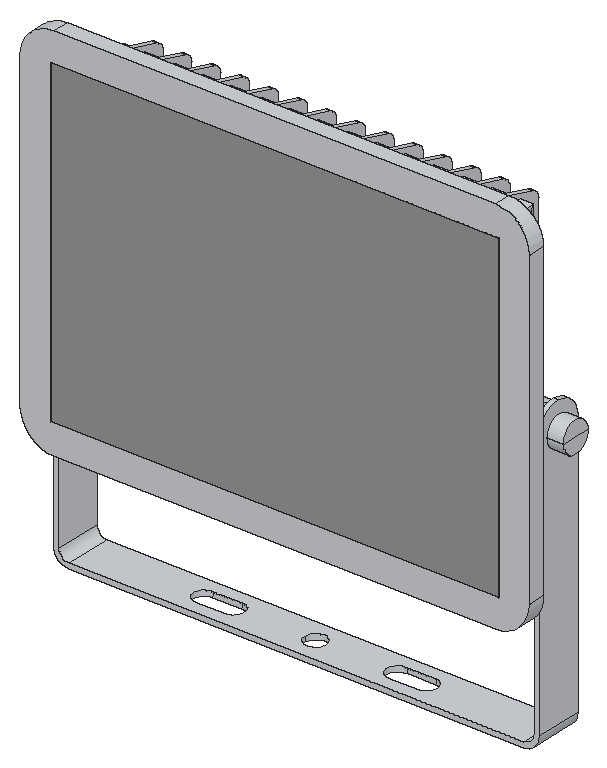
Revit family "0050116", category Lighting Fixtures, Revit 2017
Family settings
  Round Connector Dimension = Use Diameter
  Part Type = Normal
  OmniClass Number = 23.80.70.00
  OmniClass Title = Lighting
  Work Plane-Based = No
  Always vertical = Yes
  Cut with Voids When Loaded = No
  Light Source = Yes
  Shared = No
  Room Calculation Point = No
Parameters (values of type "0050116 ST FLD FLT IP65 3000LM 840 WH")
  Weight = "3.06 kg"
  Wattage = 27 W
  WarrantyStartDate [instance] = "n/a"
  WarrantyGuarantorParts = "n/a"
  WarrantyDurationUnit = "n/a"
  WarrantyDurationParts = "n/a"
  WarrantyDescription = "n/a"
  built-in parameter 1150110 = 1 (stored number, unit not read)
  Voltage = 0 V
  URL = "http://www.sylvania-lighting.com"
  TypeName = "Start Flood Flat IP65 3000LM 840 White"
  built-in parameter 1114217 = 1 (stored number, unit not read)
  Tilt Angle = 0.00°
  built-in parameter 1150109 = 1 (stored number, unit not read)
  built-in parameter 1150134 = 12
  built-in parameter 1150113 = 1 (stored number, unit not read)
  SerialNumber [instance] = "n/a"
  PowerFactor = 0.9
  PowerConsumption = "27 W"
  Photometric Web File = "0050116.ies"
  NominalWidth = 0 mm
  NominalLength = 133 mm
  NominalHeight = 28 mm
  Name = "Start Flood Flat IP65 3000LM 840 White"
  ModelReference = "Start Flood Flat IP65 3000LM 840 White"
  ModelNumber = "0050116"
  Model = "Start Flood Flat IP65 3000LM 840 White"
  Material_4_FEILO = none
  Material_3_FEILO = none
  Material_2_FEILO = Default New Material
  Material_1_FEILO = none
  Material = "n/a"
  ManufacturerName = "Feilo Sylvania"
  Manufacturer = "Feilo Sylvania"
  LuminousEfficacy = "111 lm/W"
  Lumens = 2997 lm
  LuminaireType = ""
  built-in parameter 1150115 = 1 (stored number, unit not read)
  built-in parameter 1150105 = -3340156.5 (stored number, unit not read)
  LightOutputRatio = "n/a"
  built-in parameter 1150137 = (empty or 0)
  built-in parameter 1150139 = (empty or 0)
  LampsType = "LED"
  LampNominalLuminous = "3000 lm"
  LampMacAdamStep = "5"
  LampColourTemperature = "4000 K"
  LampColourRenderingIndex = "80"
  built-in parameter 1150112 = 1 (stored number, unit not read)
  built-in parameter 1150114 = 1 (stored number, unit not read)
  Lamp = "LED"
  LUM_WIDTH_SYL = 75 mm  # constant formula
  LUM_HEIGHT_SYL = 56 mm  # constant formula
  LUM_EXTR_ST_SYL = -5 mm
  LUM_EXTR_END_SYL = 0 mm
  LUM_DEPTH_SYL = 28 mm
  Keynote = "16500"
  InstallationDate [instance] = "n/a"
  InputVoltage = "n/a"
  InputNominalFrequency = "n/a"
  built-in parameter 1150132 = 2
  built-in parameter 1150102 = (empty or 0)
  built-in parameter 1150138 = (empty or 0)
  built-in parameter 1150107 = 4000 (stored number, unit not read)
  IngressProtection = "IP65"
  ImpactProtectionIndex = "IK06"
  built-in parameter 1150106 = -33401.6 (stored number, unit not read)
  IfcExportType = "IfcLightFixtureType"
  IfcExportAs = "IfcLightFixtureType"
  ElectricShockClassification = "Class I"
  built-in parameter 1150104 = 10.312 (stored number, unit not read)
  DocumentationLiterature = "http://www.sylvania-lighting.com/product/en-int/products/0050116"
  DimmingControlOptions = "n/a"
  Dimming Lamp Color Temperature Shift = <None>
  DIF_WIDTH_SYL = 66 mm  # constant formula
  DIF_HEIGHT_SYL = 47.5 mm  # constant formula
  CreatedOn = "12/2/2020"
  CreatedBy = "@sylvania-lighting.com"
  Color Filter = 16777215
  ClassificationValue = "EF_70_80"
  ClassificationName = "Uniclass2015"
  CABLE_SIDE_DIST_SYL = 44 mm
  CABLE_LENGTH_SYL = 5 mm
  CABLE_FRONT_DIST_SYL = 17.5 mm
  CABLES_DIST_SYL = 56 mm
  BarCode [instance] = "n/a"
  built-in parameter 1114218 = 1 (stored number, unit not read)
  B_RAIL_R_DIST_SYL = 7 mm
  B_RAIL_HEIGHT_SYL = 27 mm
  B_RAIL_DEPTH_SYL = 44 mm
  B_RAIL_CHAMFER_SYL = 7 mm
  BRACKET_HOLDER_WIDTH_SYL = 12 mm
  BRACKET_HOLDER_HEIGHT_SYL = 17 mm
  BRACKET_HOLDER_DIST_SIDE_SYL = 2.8 mm
  BRACKET_HOLDER_DIST_BOTT_SYL = 42 mm
  BRACKET_HOLDER_DEPTH_SYL = 5.7 mm
  BOX_WIDTH_SYL = 60.5 mm
  BOX_TOP_DIST_SYL = 10.5 mm
  BOX_DEPTH_SYL = 14 mm
  BOX_BOTT_DIST_SYL = 28 mm
  BACK_RAIL_WIDTH_SYL = 1.4 mm
  BACK_RAIL_SIDE_DIST_SYL = 19 mm
  BACK_PL_EXTR_ST_SYL = -6 mm
  BACK_PL_EXTR_ST(-1)_SYL = BACK_PL_EXTR_ST_SYL * (-1)  # 6 mm
  BACK_PL_EXTR_END_SYL = -3 mm
  BACK_PL_EXTR_END(-1)_SYL = BACK_PL_EXTR_END_SYL * (-1)  # 3 mm
  built-in parameter 1150133 = 10 (stored number, unit not read)
  AssetType = "Fixed"
  AssetIdentifier [instance] = "n/a"
  Assembly Code = "D5020200"
  Apparent Load = 27 VA
  0_18W_SYL = yes
Types (5, lengths in mm): name | TypeName | built-in parameter 1150134 | Photometric Web File | Name | ModelReference | ModelNumber | Model | LuminousEfficacy | Lumens | built-in parameter 1150105 | LampNominalLuminous | LampColourTemperature | built-in parameter 1150107 | built-in parameter 1150106 | built-in parameter 1150104 | DocumentationLiterature
  0050153 ST FLD FLT IP65 3000LM 865 BK | "Start Flood Flat IP65 3000LM 865 Black" | 1 | "0050153.ies" | "Start Flood Flat IP65 3000LM 865 Black" | "Start Flood Flat IP65 3000LM 865 Black" | "0050153" | "Start Flood Flat IP65 3000LM 865 Black" | "111 lm/W" | 2997 lm | -3340156.5 (stored number, unit not read) | "3000 lm" | "6500 K" | 6500 (stored number, unit not read) | -33401.6 (stored number, unit not read) | 10.312 (stored number, unit not read) | "http://www.sylvania-lighting.com/product/en-int/products/0050153"
  0050116 ST FLD FLT IP65 3000LM 840 WH | "Start Flood Flat IP65 3000LM 840 White" | 12 | "0050116.ies" | "Start Flood Flat IP65 3000LM 840 White" | "Start Flood Flat IP65 3000LM 840 White" | "0050116" | "Start Flood Flat IP65 3000LM 840 White" | "111 lm/W" | 2997 lm | -3340156.5 (stored number, unit not read) | "3000 lm" | "4000 K" | 4000 (stored number, unit not read) | -33401.6 (stored number, unit not read) | 10.312 (stored number, unit not read) | "http://www.sylvania-lighting.com/product/en-int/products/0050116"
  0050115 ST FLD FLT IP65 2850LM 830 WH | "Start Flood Flat IP65 2850LM 830 White" | (empty or 0) | "0050115.ies" | "Start Flood Flat IP65 2850LM 830 White" | "Start Flood Flat IP65 2850LM 830 White" | "0050115" | "Start Flood Flat IP65 2850LM 830 White" | "106 lm/W" | 2862 lm | -3030228.4 (stored number, unit not read) | "2850 lm" | "3000 K" | 3000 (stored number, unit not read) | -30302.3 (stored number, unit not read) | 9.8477 (stored number, unit not read) | "http://www.sylvania-lighting.com/product/en-int/products/0050115"
  0050114 ST FLD FLT IP65 3000LM 840 BK | "Start Flood Flat IP65 3000LM 840 Black" | 12 | "0050114.ies" | "Start Flood Flat IP65 3000LM 840 Black" | "Start Flood Flat IP65 3000LM 840 Black" | "0050114" | "Start Flood Flat IP65 3000LM 840 Black" | "111 lm/W" | 2997 lm | -3340156.5 (stored number, unit not read) | "3000 lm" | "4000 K" | 4000 (stored number, unit not read) | -33401.6 (stored number, unit not read) | 10.312 (stored number, unit not read) | "http://www.sylvania-lighting.com/product/en-int/products/0050114"
  0050113 ST FLD FLT IP65 2850LM 830 BK | "Start Flood Flat IP65 2850LM 830 Black" | (empty or 0) | "0050113.ies" | "Start Flood Flat IP65 2850LM 830 Black" | "Start Flood Flat IP65 2850LM 830 Black" | "0050113" | "Start Flood Flat IP65 2850LM 830 Black" | "106 lm/W" | 2862 lm | -3030228.4 (stored number, unit not read) | "2850 lm" | "3000 K" | 3000 (stored number, unit not read) | -30302.3 (stored number, unit not read) | 9.8477 (stored number, unit not read) | "http://www.sylvania-lighting.com/product/en-int/products/0050113"
Reference planes
  plane 1 "Light Source Axis (F/B)": y = 0
  plane 2: z = 0
  plane 3 "Light Source Axis (L/R)": x = 0
  plane 4 "Light Source Elevation": z = -0.469
  plane 5: x = 75
  plane 6: x = -75
  plane 7: z = 56
  plane 8: z = -56
  plane 9: x = 66
  plane 10: x = -66
  plane 11: z = 47.5
  plane 12: z = -47.5
  plane 13: y = 6
  plane 14: y = 3
  plane 15: x = -60.5
  plane 16: x = 60.5
  plane 17: y = 20
  plane 18: z = 45.5
  plane 19: z = -28
  plane 20: y = 28
  plane 21: z = -14
  plane 22: z = -2
  plane 23: y = 21
  plane 24: x = 54.2
  plane 25: x = 39.5
  plane 26: x = 31
  plane 27: x = -25
  plane 28: y = 14
  plane 29: z = -38
  plane 30: y = 27
  plane 31: z = 16
  plane 32: z = 9
  plane 33: x = 56
  plane 34: x = 54.6
  plane 35: x = 47.6
  plane 36: x = 20.8
  plane 37: x = 13.8
  plane 38: x = 12.4
  plane 39: x = 5.4
  plane 40: x = 4
  plane 41: z = -50.4
  plane 42: x = 64
  plane 43: x = 70
  plane 44: z = -59.1
Forms (mm)
  Extrusion 1, solid
    sketch origin (0, 0, 0) x (1, 0, 0) y (0, 0, 1)
      loop
        arc (-65, 56) -> (-72.071, 53.071) -> (-75, 46) r 10
        line (-75, 46) -> (-75, -46)
        arc (-75, -46) -> (-72.071, -53.071) -> (-65, -56) r 10
        line (-65, -56) -> (65, -56)
        arc (65, -56) -> (72.071, -53.071) -> (75, -46) r 10
        line (75, -46) -> (75, 46)
        arc (75, 46) -> (72.071, 53.071) -> (65, 56) r 10
        line (65, 56) -> (-65, 56)
      loop
        line (-66, 47.5) -> (-66, -47.5) -> (66, -47.5) -> (66, 47.5) -> (-66, 47.5)
    from -5 <- "LUM_EXTR_ST_SYL" to 0 <- "LUM_EXTR_END_SYL"
  Extrusion 2, solid, material "Default New Material" <- "Material_2_FEILO"
    sketch origin (0, 0, 0) x (1, 0, 0) y (0, 0, 1)
      loop
        line (-66, 47.5) -> (-66, -47.5) -> (66, -47.5) -> (66, 47.5) -> (-66, 47.5)
    from -3 <- "BACK_PL_EXTR_END_SYL" to 0 <- "LUM_EXTR_END_SYL"
  Extrusion 3, solid
    sketch origin (0, 0, 0) x (1, 0, 0) y (0, 0, 1)
      loop
        line (66, 47.5) -> (-66, 47.5) -> (-66, -47.5) -> (66, -47.5) -> (66, 47.5)
    from -6 <- "BACK_PL_EXTR_ST_SYL" to -3 <- "BACK_PL_EXTR_END_SYL"
  Extrusion 4, solid
    sketch origin (0, 0, 0) x (1, 0, 0) y (0, 1, 0)
      loop
        arc (-59.5, 20) -> (-60.207, 19.707) -> (-60.5, 19) r 1
        line (-60.5, 19) -> (-60.5, 6) -> (60.5, 6) -> (60.5, 19)
        arc (60.5, 19) -> (60.207, 19.707) -> (59.5, 20) r 1
        line (59.5, 20) -> (-59.5, 20)
    from -28 to 45.5
  Extrusion 5, solid
    sketch origin (0, 0, 0) x (1, 0, 0) y (0, 1, 0)
      loop
        arc (-52.5, 28) -> (-58.157, 25.657) -> (-60.5, 20) r 8
        line (-60.5, 20) -> (-60.5, 6) -> (60.5, 6) -> (60.5, 20)
        arc (60.5, 20) -> (58.157, 25.657) -> (52.5, 28) r 8
        line (52.5, 28) -> (-52.5, 28)
    from -47.5 to -28
  Extrusion 6, solid
    sketch origin (0, 0, 0) x (0, 1, 0) y (0, 0, 1)
      loop
        line (5, -2) -> (5, -14) -> (15, -14)
        arc (15, -14) -> (19.243, -12.243) -> (21, -8) r 6
        arc (21, -8) -> (19.243, -3.757) -> (15, -2) r 6
        line (15, -2) -> (5, -2)
      loop
        circle (15, -8) r 2.5
    from 64 to 70
  Extrusion 7, solid
    sketch origin (0, 0, 0) x (1, 0, 0) y (0, 1, 0)
      loop
        circle (-25, 14) r 7
      loop
        circle (31, 14) r 9
    from -59.1 to -47.5
  Extrusion 8, solid
    sketch origin (-75.017, 5.639, -10.469) x (0, 1, 0) y (0, 0, -1)
      loop
        line (-0.625, 17.969) -> (-0.625, -34.188) -> (-0.625, -61.668) -> (19.238, -55.969)
        arc (19.238, -55.969) -> (20.908, -54.706) -> (21.299, -52.649) r 2.911
        line (21.299, -52.649) -> (21.299, 17.969) -> (-0.625, 17.969)
    from -131.017 to -129.617
  Extrusion 9, solid
    sketch origin (0, 0, 0) x (0, 1, 0) y (0, 0, -1)
      loop
        line (5, 2) -> (15, 2)
        arc (15, 2) -> (19.243, 3.757) -> (21, 8) r 6
        arc (21, 8) -> (19.243, 12.243) -> (15, 14) r 6
        line (15, 14) -> (5, 14) -> (5, 2)
      loop
        circle (15, 8) r 2.5
    from 64 to 70
  Extrusion 10, solid
    sketch origin (75.017, 5.639, -10.469) x (0, 1, 0) y (0, 0, 1)
      loop
        line (-0.625, -17.969) -> (21.299, -17.969) -> (21.299, 52.649)
        arc (21.299, 52.649) -> (20.908, 54.706) -> (19.238, 55.969) r 2.911
        line (19.238, 55.969) -> (-0.625, 61.668) -> (-0.625, 34.188) -> (-0.625, -17.969)
    from -131.017 to -129.617
  Extrusion 11, solid
    sketch origin (-185.617, 5.639, -10.469) x (0, 1, 0) y (0, 0, -1)
      loop
        line (-0.625, 17.969) -> (-0.625, -34.188) -> (-0.625, -61.668) -> (19.238, -55.969)
        arc (19.238, -55.969) -> (20.908, -54.706) -> (21.299, -52.649) r 2.911
        line (21.299, -52.649) -> (21.299, 17.969) -> (-0.625, 17.969)
    from -131.017 to -129.617
  Extrusion 12, solid
    sketch origin (-83.524, 5.639, -10.469) x (0, 1, 0) y (0, 0, -1)
      loop
        line (-0.625, 17.969) -> (-0.625, -34.188) -> (-0.625, -61.668) -> (19.238, -55.969)
        arc (19.238, -55.969) -> (20.908, -54.706) -> (21.299, -52.649) r 2.911
        line (21.299, -52.649) -> (21.299, 17.969) -> (-0.625, 17.969)
    from -131.017 to -129.617
  Extrusion 13, solid
    sketch origin (-92.032, 5.639, -10.469) x (0, 1, 0) y (0, 0, -1)
      loop
        line (-0.625, 17.969) -> (-0.625, -34.188) -> (-0.625, -61.668) -> (19.238, -55.969)
        arc (19.238, -55.969) -> (20.908, -54.706) -> (21.299, -52.649) r 2.911
        line (21.299, -52.649) -> (21.299, 17.969) -> (-0.625, 17.969)
    from -131.017 to -129.617
  Extrusion 14, solid
    sketch origin (-100.54, 5.639, -10.469) x (0, 1, 0) y (0, 0, -1)
      loop
        line (-0.625, 17.969) -> (-0.625, -34.188) -> (-0.625, -61.668) -> (19.238, -55.969)
        arc (19.238, -55.969) -> (20.908, -54.706) -> (21.299, -52.649) r 2.911
        line (21.299, -52.649) -> (21.299, 17.969) -> (-0.625, 17.969)
    from -131.017 to -129.617
  Extrusion 15, solid
    sketch origin (-109.047, 5.639, -10.469) x (0, 1, 0) y (0, 0, -1)
      loop
        line (-0.625, 17.969) -> (-0.625, -34.188) -> (-0.625, -61.668) -> (19.238, -55.969)
        arc (19.238, -55.969) -> (20.908, -54.706) -> (21.299, -52.649) r 2.911
        line (21.299, -52.649) -> (21.299, 17.969) -> (-0.625, 17.969)
    from -131.017 to -129.617
  Extrusion 16, solid
    sketch origin (-117.555, 5.639, -10.469) x (0, 1, 0) y (0, 0, -1)
      loop
        line (-0.625, 17.969) -> (-0.625, -34.188) -> (-0.625, -61.668) -> (19.238, -55.969)
        arc (19.238, -55.969) -> (20.908, -54.706) -> (21.299, -52.649) r 2.911
        line (21.299, -52.649) -> (21.299, 17.969) -> (-0.625, 17.969)
    from -131.017 to -129.617
  Extrusion 17, solid
    sketch origin (-126.063, 5.639, -10.469) x (0, 1, 0) y (0, 0, -1)
      loop
        line (-0.625, 17.969) -> (-0.625, -34.188) -> (-0.625, -61.668) -> (19.238, -55.969)
        arc (19.238, -55.969) -> (20.908, -54.706) -> (21.299, -52.649) r 2.911
        line (21.299, -52.649) -> (21.299, 17.969) -> (-0.625, 17.969)
    from -131.017 to -129.617
  Extrusion 18, solid
    sketch origin (-134.571, 5.639, -10.469) x (0, 1, 0) y (0, 0, -1)
      loop
        line (-0.625, 17.969) -> (-0.625, -34.188) -> (-0.625, -61.668) -> (19.238, -55.969)
        arc (19.238, -55.969) -> (20.908, -54.706) -> (21.299, -52.649) r 2.911
        line (21.299, -52.649) -> (21.299, 17.969) -> (-0.625, 17.969)
    from -131.017 to -129.617
  Extrusion 19, solid
    sketch origin (-143.078, 5.639, -10.469) x (0, 1, 0) y (0, 0, -1)
      loop
        line (-0.625, 17.969) -> (-0.625, -34.188) -> (-0.625, -61.668) -> (19.238, -55.969)
        arc (19.238, -55.969) -> (20.908, -54.706) -> (21.299, -52.649) r 2.911
        line (21.299, -52.649) -> (21.299, 17.969) -> (-0.625, 17.969)
    from -131.017 to -129.617
  Extrusion 20, solid
    sketch origin (-151.586, 5.639, -10.469) x (0, 1, 0) y (0, 0, -1)
      loop
        line (-0.625, 17.969) -> (-0.625, -34.188) -> (-0.625, -61.668) -> (19.238, -55.969)
        arc (19.238, -55.969) -> (20.908, -54.706) -> (21.299, -52.649) r 2.911
        line (21.299, -52.649) -> (21.299, 17.969) -> (-0.625, 17.969)
    from -131.017 to -129.617
  Extrusion 21, solid
    sketch origin (-160.094, 5.639, -10.469) x (0, 1, 0) y (0, 0, -1)
      loop
        line (-0.625, 17.969) -> (-0.625, -34.188) -> (-0.625, -61.668) -> (19.238, -55.969)
        arc (19.238, -55.969) -> (20.908, -54.706) -> (21.299, -52.649) r 2.911
        line (21.299, -52.649) -> (21.299, 17.969) -> (-0.625, 17.969)
    from -131.017 to -129.617
  Extrusion 22, solid
    sketch origin (-168.601, 5.639, -10.469) x (0, 1, 0) y (0, 0, -1)
      loop
        line (-0.625, 17.969) -> (-0.625, -34.188) -> (-0.625, -61.668) -> (19.238, -55.969)
        arc (19.238, -55.969) -> (20.908, -54.706) -> (21.299, -52.649) r 2.911
        line (21.299, -52.649) -> (21.299, 17.969) -> (-0.625, 17.969)
    from -131.017 to -129.617
  Extrusion 23, solid
    sketch origin (-177.109, 5.639, -10.469) x (0, 1, 0) y (0, 0, -1)
      loop
        line (-0.625, 17.969) -> (-0.625, -34.188) -> (-0.625, -61.668) -> (19.238, -55.969)
        arc (19.238, -55.969) -> (20.908, -54.706) -> (21.299, -52.649) r 2.911
        line (21.299, -52.649) -> (21.299, 17.969) -> (-0.625, 17.969)
    from -131.017 to -129.617
Cuts and joins
  joined: Extrusion 1, Extrusion 3, Extrusion 4, Extrusion 5
Dimensions and locks
  "LUM_WIDTH_SYL": plane 5 to plane 3 "Light Source Axis (L/R)" to plane 6
  "LUM_HEIGHT_SYL": plane 7 to plane 2 to plane 8
  "DIF_WIDTH_SYL": plane 9 to plane 3 "Light Source Axis (L/R)" to plane 10
  "DIF_HEIGHT_SYL": plane 11 to plane 2 to plane 12
  "BACK_PL_EXTR_ST(-1)_SYL": plane 1 "Light Source Axis (F/B)" to plane 13
  "BACK_PL_EXTR_END(-1)_SYL": plane 1 "Light Source Axis (F/B)" to plane 14
  "BOX_WIDTH_SYL": plane 15 to plane 3 "Light Source Axis (L/R)" to plane 16
  "BOX_DEPTH_SYL": plane 13 to plane 17
  "BOX_TOP_DIST_SYL": plane 18 to plane 7
  "BOX_BOTT_DIST_SYL": plane 8 to plane 19
  "LUM_DEPTH_SYL": plane 1 "Light Source Axis (F/B)" to plane 20
  "BRACKET_HOLDER_DIST_BOTT_SYL": plane 21 to plane 8
  "BRACKET_HOLDER_WIDTH_SYL": plane 22 to plane 21
  cut or joined group of Extrusion 1, Extrusion 3, Extrusion 4, Extrusion 5 to plane 23 = 15 mm
  cut or joined group of Extrusion 1, Extrusion 3, Extrusion 4, Extrusion 5 to plane 24 = 20.8 mm
  plane 25 to plane 24 = 14.7 mm
  "CABLES_DIST_SYL": plane 27 to plane 26
  "CABLE_SIDE_DIST_SYL": plane 26 to plane 5
  cut or joined group of Extrusion 1, Extrusion 3, Extrusion 4, Extrusion 5 to plane 28 = 14 mm
  cut or joined group of Extrusion 1, Extrusion 3, Extrusion 4, Extrusion 5 to plane 29 = 18 mm
  "B_RAIL_HEIGHT_SYL": plane 30 to plane 1 "Light Source Axis (F/B)"
  "B_RAIL_DEPTH_SYL": plane 31 to plane 19
  "B_RAIL_CHAMFER_SYL": plane 31 to plane 32
  "BACK_RAIL_SIDE_DIST_SYL": plane 5 to plane 33
  "BACK_RAIL_WIDTH_SYL": plane 33 to plane 34
  "B_RAIL_R_DIST_SYL": plane 34 to plane 35
  "B_RAIL_R_DIST_SYL": plane 36 to plane 37
  "BACK_RAIL_WIDTH_SYL": plane 37 to plane 38
  "BACK_RAIL_WIDTH_SYL": plane 39 to plane 40
  "B_RAIL_R_DIST_SYL": plane 38 to plane 39
  plane 35 to plane 26 = 16.6 mm
  equal spacing: group 2, group 14, group 13, group 12, group 11, group 10, group 9, group 8, group 7, group 6, group 5, group 4, group 3, group 1
  equal spacing: group 1, group 3, group 4, group 5, group 6, group 7, group 8, group 9, group 10, group 11, group 12, group 13, group 14, group 2  (x2)
  aligned and locked: plane 4 "Light Source Elevation" to imposter light
  aligned and locked: level to plane 2
  aligned and locked: Extrusion 1 sketch curve to plane 7
  aligned and locked: plane 6 to Extrusion 1 sketch curve
  aligned and locked: plane 8 to Extrusion 1 sketch curve
  aligned and locked: Extrusion 1 sketch curve to plane 5
  aligned and locked: Extrusion 1 sketch curve to plane 11
  aligned and locked: plane 10 to Extrusion 1 sketch curve
  aligned and locked: plane 12 to Extrusion 1 sketch curve
  aligned and locked: Extrusion 1 sketch curve to plane 9
  aligned and locked: Extrusion 2 sketch curve to Extrusion 1  (x4)
  aligned and locked: Extrusion 3 sketch curve to Extrusion 1  (x4)
  aligned and locked: Extrusion 3 to Extrusion 2
  aligned and locked: plane 17 to Extrusion 4 sketch curve
  aligned and locked: plane 15 to Extrusion 4 sketch curve
  aligned and locked: Extrusion 4 sketch curve to plane 13
  aligned and locked: Extrusion 4 sketch curve to plane 16
  aligned and locked: plane 18 to Extrusion 4
  aligned and locked: Extrusion 4 to plane 19
  aligned and locked: plane 20 to Extrusion 5 sketch curve
  aligned and locked: plane 15 to Extrusion 5 sketch curve
  aligned and locked: cut or joined group of Extrusion 1, Extrusion 3, Extrusion 4, Extrusion 5 to Extrusion 5 sketch curve
  aligned and locked: Extrusion 5 sketch curve to cut or joined group of Extrusion 1, Extrusion 3, Extrusion 4, Extrusion 5
  aligned and locked: plane 19 to Extrusion 5
  aligned and locked: Extrusion 5 to plane 12
  aligned and locked: Extrusion 6 sketch curve to plane 22
  aligned and locked: plane 21 to Extrusion 6 sketch curve
  aligned and locked: Extrusion 7 to Extrusion 2
  aligned and locked: Extrusion 6 to cut or joined group of Extrusion 1, Extrusion 3, Extrusion 4, Extrusion 5
  aligned and locked: plane 42 to Extrusion 6
  aligned and locked: Extrusion 6 to plane 43
  aligned and locked: Extrusion 7 to plane 44
  aligned and locked: plane 33 to Extrusion 8
  aligned and locked: Extrusion 8 to plane 34
Automatic sketch dimensions
  plane 18 to Extrusion 1 sketch curve = 0.5 mm  (x2)
  plane 10 to Extrusion 1 sketch curve = 1 mm
  Extrusion 1 sketch curve to plane 9 = 1 mm
  plane 15 to Extrusion 4 sketch curve = 1 mm
  Extrusion 4 sketch curve to plane 16 = 1 mm
  Extrusion 5 sketch curve to plane 15 = 0 mm
  plane 28 to Extrusion 5 sketch curve = 6 mm  (x2)
  Extrusion 6 sketch curve to Extrusion 6 sketch curve = 0 mm  (x5)
  Extrusion 6 sketch curve to plane 23 = 0 mm
  plane 13 to Extrusion 6 sketch curve = 1 mm
  Extrusion 7 sketch curve to plane 27 = 0 mm
  Extrusion 7 sketch curve to plane 26 = 0 mm
  Extrusion 7 sketch curve to plane 28 = 0 mm  (x2)
  Extrusion 9 sketch curve to Extrusion 9 sketch curve = 0 mm  (x6)
  Extrusion 9 sketch curve to plane 21 = 0 mm
  Extrusion 9 sketch curve to plane 22 = 0 mm
  Extrusion 9 sketch curve to plane 23 = 0 mm
  plane 13 to Extrusion 9 sketch curve = 1 mm
  Extrusion 10 sketch curve to plane 18 = 0 mm
  Extrusion 10 sketch curve to plane 19 = 0.438 mm
  plane 13 to Extrusion 10 sketch curve = 0.986 mm
  plane 30 to Extrusion 10 sketch curve = 2.927 mm
  plane 30 to Extrusion 10 sketch curve = 2.124 mm
  plane 30 to Extrusion 10 sketch curve = 0.062 mm
  plane 31 to Extrusion 10 sketch curve = 7.719 mm
  Extrusion 10 sketch curve to plane 18 = 3.32 mm
  Extrusion 8 sketch curve to Extrusion 8 sketch curve = 19.06 mm
  Extrusion 8 sketch curve to Extrusion 8 sketch curve = 0.803 mm
  Extrusion 8 sketch curve to Extrusion 8 sketch curve = 21.924 mm
  Extrusion 8 sketch curve to Extrusion 8 sketch curve = 5.699 mm
  Extrusion 8 sketch curve to Extrusion 8 sketch curve = 18.983 mm
  Extrusion 8 sketch curve to Extrusion 8 sketch curve = 52.156 mm
  Extrusion 11 sketch curve to Extrusion 11 sketch curve = 19.06 mm
  Extrusion 11 sketch curve to Extrusion 11 sketch curve = 0.803 mm
  Extrusion 11 sketch curve to Extrusion 11 sketch curve = 21.924 mm
  Extrusion 11 sketch curve to Extrusion 11 sketch curve = 5.699 mm
  Extrusion 11 sketch curve to Extrusion 11 sketch curve = 18.983 mm
  Extrusion 11 sketch curve to Extrusion 11 sketch curve = 52.156 mm
  Extrusion 12 sketch curve to Extrusion 12 sketch curve = 19.06 mm
  Extrusion 12 sketch curve to Extrusion 12 sketch curve = 0.803 mm
  Extrusion 12 sketch curve to Extrusion 12 sketch curve = 21.924 mm
  Extrusion 12 sketch curve to Extrusion 12 sketch curve = 5.699 mm
  Extrusion 12 sketch curve to Extrusion 12 sketch curve = 18.983 mm
  Extrusion 12 sketch curve to Extrusion 12 sketch curve = 52.156 mm
  Extrusion 13 sketch curve to Extrusion 13 sketch curve = 19.06 mm
  Extrusion 13 sketch curve to Extrusion 13 sketch curve = 0.803 mm
  Extrusion 13 sketch curve to Extrusion 13 sketch curve = 21.924 mm
  Extrusion 13 sketch curve to Extrusion 13 sketch curve = 5.699 mm
  Extrusion 13 sketch curve to Extrusion 13 sketch curve = 18.983 mm
  Extrusion 13 sketch curve to Extrusion 13 sketch curve = 52.156 mm
  Extrusion 14 sketch curve to Extrusion 14 sketch curve = 19.06 mm
  Extrusion 14 sketch curve to Extrusion 14 sketch curve = 0.803 mm
  Extrusion 14 sketch curve to Extrusion 14 sketch curve = 21.924 mm
  Extrusion 14 sketch curve to Extrusion 14 sketch curve = 5.699 mm
  Extrusion 14 sketch curve to Extrusion 14 sketch curve = 18.983 mm
  Extrusion 14 sketch curve to Extrusion 14 sketch curve = 52.156 mm
  Extrusion 15 sketch curve to Extrusion 15 sketch curve = 19.06 mm
  Extrusion 15 sketch curve to Extrusion 15 sketch curve = 0.803 mm
  Extrusion 15 sketch curve to Extrusion 15 sketch curve = 21.924 mm
  Extrusion 15 sketch curve to Extrusion 15 sketch curve = 5.699 mm
  Extrusion 15 sketch curve to Extrusion 15 sketch curve = 18.983 mm
  Extrusion 15 sketch curve to Extrusion 15 sketch curve = 52.156 mm
  Extrusion 16 sketch curve to Extrusion 16 sketch curve = 19.06 mm
  Extrusion 16 sketch curve to Extrusion 16 sketch curve = 0.803 mm
  Extrusion 16 sketch curve to Extrusion 16 sketch curve = 21.924 mm
  Extrusion 16 sketch curve to Extrusion 16 sketch curve = 5.699 mm
  Extrusion 16 sketch curve to Extrusion 16 sketch curve = 18.983 mm
  Extrusion 16 sketch curve to Extrusion 16 sketch curve = 52.156 mm
  Extrusion 17 sketch curve to Extrusion 17 sketch curve = 19.06 mm
  Extrusion 17 sketch curve to Extrusion 17 sketch curve = 0.803 mm
  Extrusion 17 sketch curve to Extrusion 17 sketch curve = 21.924 mm
  Extrusion 17 sketch curve to Extrusion 17 sketch curve = 5.699 mm
  Extrusion 17 sketch curve to Extrusion 17 sketch curve = 18.983 mm
  Extrusion 17 sketch curve to Extrusion 17 sketch curve = 52.156 mm
  Extrusion 18 sketch curve to Extrusion 18 sketch curve = 19.06 mm
  Extrusion 18 sketch curve to Extrusion 18 sketch curve = 0.803 mm
  Extrusion 18 sketch curve to Extrusion 18 sketch curve = 21.924 mm
  Extrusion 18 sketch curve to Extrusion 18 sketch curve = 5.699 mm
  Extrusion 18 sketch curve to Extrusion 18 sketch curve = 18.983 mm
  Extrusion 18 sketch curve to Extrusion 18 sketch curve = 52.156 mm
  Extrusion 19 sketch curve to Extrusion 19 sketch curve = 19.06 mm
  Extrusion 19 sketch curve to Extrusion 19 sketch curve = 0.803 mm
  Extrusion 19 sketch curve to Extrusion 19 sketch curve = 21.924 mm
  Extrusion 19 sketch curve to Extrusion 19 sketch curve = 5.699 mm
  Extrusion 19 sketch curve to Extrusion 19 sketch curve = 18.983 mm
  Extrusion 19 sketch curve to Extrusion 19 sketch curve = 52.156 mm
  Extrusion 20 sketch curve to Extrusion 20 sketch curve = 19.06 mm
  Extrusion 20 sketch curve to Extrusion 20 sketch curve = 0.803 mm
  Extrusion 20 sketch curve to Extrusion 20 sketch curve = 21.924 mm
  Extrusion 20 sketch curve to Extrusion 20 sketch curve = 5.699 mm
  Extrusion 20 sketch curve to Extrusion 20 sketch curve = 18.983 mm
  Extrusion 20 sketch curve to Extrusion 20 sketch curve = 52.156 mm
  Extrusion 21 sketch curve to Extrusion 21 sketch curve = 19.06 mm
  Extrusion 21 sketch curve to Extrusion 21 sketch curve = 0.803 mm
  Extrusion 21 sketch curve to Extrusion 21 sketch curve = 21.924 mm
  Extrusion 21 sketch curve to Extrusion 21 sketch curve = 5.699 mm
  Extrusion 21 sketch curve to Extrusion 21 sketch curve = 18.983 mm
  Extrusion 21 sketch curve to Extrusion 21 sketch curve = 52.156 mm
  Extrusion 22 sketch curve to Extrusion 22 sketch curve = 19.06 mm
  Extrusion 22 sketch curve to Extrusion 22 sketch curve = 0.803 mm
  Extrusion 22 sketch curve to Extrusion 22 sketch curve = 21.924 mm
  Extrusion 22 sketch curve to Extrusion 22 sketch curve = 5.699 mm
  Extrusion 22 sketch curve to Extrusion 22 sketch curve = 18.983 mm
  Extrusion 22 sketch curve to Extrusion 22 sketch curve = 52.156 mm
  Extrusion 23 sketch curve to Extrusion 23 sketch curve = 19.06 mm
  Extrusion 23 sketch curve to Extrusion 23 sketch curve = 0.803 mm
  Extrusion 23 sketch curve to Extrusion 23 sketch curve = 21.924 mm
  Extrusion 23 sketch curve to Extrusion 23 sketch curve = 5.699 mm
  Extrusion 23 sketch curve to Extrusion 23 sketch curve = 18.983 mm
  Extrusion 23 sketch curve to Extrusion 23 sketch curve = 52.156 mm
  radius of Extrusion 6 sketch curve = 2.5 mm
  radius of Extrusion 7 sketch curve = 7 mm
  radius of Extrusion 7 sketch curve = 9 mm
  radius of Extrusion 9 sketch curve = 2.5 mm
Nested families
  nested 1: "START Flood Flat - 27W_bracket" at (0, 15.031, -52.52), type "START Flood Flat - 27W_bracket"
  nested 2: "bolt" at (-71.5, 15.031, -8.02) x (-1, 0, 0) z (0, 0, 1), type "bolt"
  nested 3: "bolt" at (71.5, 15.031, -7.969), type "bolt"
Definition of nested family "START Flood Flat - 27W_bracket"
  Parameters (values of type "START Flood Flat - 27W_bracket")
    WIDTH_SYL = 143 mm
    THICKNESS_SYL = 1.5 mm
    Material_4_SYL = none
    Material_3_SYL = none
    Material_2_SYL = none
    Material_1_SYL = none
    HOLE_DIST_SYL = 8.5 mm
    HOLE2_DIST_SYL = 8 mm
    HEIGHT_SYL = 90 mm
    HALF_SYL = WIDTH_SYL / 2  # 71.5 mm
    FILLET_SYL = 7 mm
    DEPTH_2_SYL = -7 mm
    DEPTH_1_SYL = 7 mm
    CUTOUT_DIST_SYL = 24.2 mm
  Reference planes
    plane 1 "Center (Front/Back)": y = 0
    plane 2: z = 0
    plane 3 "Center (Left/Right)": x = 0
    plane 4: x = -71.5
    plane 5: x = 71.5
    plane 6: z = -37.5
    plane 7: z = 52.5
    plane 8: x = -70
    plane 9: z = -36
    plane 10: x = 70
    plane 11: z = 44.5
    plane 12: z = 45.5
    plane 13: x = 24.2
    plane 14: x = -24.2
    plane 15: x = 32.7
    plane 16: x = -32.7
  Forms (mm)
    Extrusion 1, solid
      sketch origin (0, 0, 0) x (1, 0, 0) y (0, 0, 1)
        loop
          arc (-71.5, -33) -> (-70.182, -36.182) -> (-67, -37.5) r 4.5
          line (-67, -37.5) -> (67, -37.5)
          arc (67, -37.5) -> (70.182, -36.182) -> (71.5, -33) r 4.5
          line (71.5, -33) -> (71.5, 52.5) -> (70, 52.5) -> (70, -33)
          arc (70, -33) -> (69.121, -35.121) -> (67, -36) r 3
          line (67, -36) -> (-67, -36)
          arc (-67, -36) -> (-69.121, -35.121) -> (-70, -33) r 3
          line (-70, -33) -> (-70, 52.5) -> (-71.5, 52.5) -> (-71.5, -33)
      from -7 <- "DEPTH_2_SYL" to 7 <- "DEPTH_1_SYL"
    Extrusion 2, void
      sketch origin (0, 0, 0) x (0, 1, 0) y (0, 0, 1)
        loop
          circle (0, 44.5) r 3.15
      from -71.5 to 71.5
    Extrusion 3, void
      sketch origin (0, 0, 0) x (0, 1, 0) y (0, 0, 1)
        loop
          line (7, 45.5) -> (14.83, 58.08) -> (-15.17, 58.08) -> (-7, 45.5)
          arc (-7, 45.5) -> (-4.95, 50.45) -> (0, 52.5) r 7
          arc (0, 52.5) -> (4.95, 50.45) -> (7, 45.5) r 7
      from -71.5 to 71.5
    Extrusion 4, void
      sketch origin (0, 0, 0) x (1, 0, 0) y (0, 1, 0)
        loop
          circle (0, 0) r 3.25
        loop
          arc (-32.7, 3.25) -> (-35.95, 0) -> (-32.7, -3.25) r 3.25
          line (-32.7, -3.25) -> (-24.2, -3.25)
          arc (-24.2, -3.25) -> (-20.95, 0) -> (-24.2, 3.25) r 3.25
          line (-24.2, 3.25) -> (-32.7, 3.25)
        loop
          line (24.2, -3.25) -> (32.7, -3.25)
          arc (32.7, -3.25) -> (35.95, 0) -> (32.7, 3.25) r 3.25
          line (32.7, 3.25) -> (24.2, 3.25)
          arc (24.2, 3.25) -> (20.95, 0) -> (24.2, -3.25) r 3.25
      from -54.767 to -28.006
  Cuts and joins
    Extrusion 2, Extrusion 3, Extrusion 4 cuts Extrusion 1
  Dimensions and locks
    "THICKNESS_SYL": plane 8 to plane 4
    "THICKNESS_SYL": plane 5 to plane 10
    "WIDTH_SYL": plane 5 to plane 4
    "HEIGHT_SYL": plane 7 to plane 6
    "FILLET_SYL": plane 7 to plane 12
    "CUTOUT_DIST_SYL": plane 14 to plane 3 "Center (Left/Right)" to plane 13
    "HOLE_DIST_SYL": plane 16 to plane 14
    "HOLE_DIST_SYL": plane 13 to plane 15
    "HOLE2_DIST_SYL": plane 7 to plane 11
    "HALF_SYL": plane 4 to plane 3 "Center (Left/Right)"
    aligned and locked: level to plane 2
    aligned and locked: plane 4 to Extrusion 1 sketch curve
    aligned and locked: plane 6 to Extrusion 1 sketch curve
    aligned and locked: Extrusion 1 sketch curve to plane 5
    aligned and locked: plane 8 to Extrusion 1 sketch curve
    aligned and locked: plane 9 to Extrusion 1 sketch curve
    aligned and locked: Extrusion 1 sketch curve to plane 10
    aligned and locked: plane 7 to Extrusion 1 sketch curve  (x2)
    aligned and locked: Extrusion 1 to Extrusion 2  (x2)
    aligned and locked: Extrusion 1 to Extrusion 3
    aligned and locked: Extrusion 3 to Extrusion 1
  Automatic sketch dimensions
    Extrusion 1 sketch curve to Extrusion 1 sketch curve = 0 mm
    plane 8 to Extrusion 1 sketch curve = 3 mm
    Extrusion 1 sketch curve to plane 10 = 3 mm
    Extrusion 1 sketch curve to Extrusion 1 sketch curve = 3 mm
    Extrusion 2 sketch curve to plane 1 "Center (Front/Back)" = 0 mm
    Extrusion 2 sketch curve to plane 11 = 0 mm
    Extrusion 3 sketch curve to Extrusion 3 sketch curve = 0 mm
    Extrusion 3 sketch curve to plane 12 = 0 mm
    Extrusion 3 sketch curve to plane 1 "Center (Front/Back)" = 0 mm
    Extrusion 3 sketch curve to plane 7 = 0 mm
    Extrusion 3 sketch curve to Extrusion 3 sketch curve = 8.17 mm
    plane 7 to Extrusion 3 sketch curve = 5.58 mm
    Extrusion 3 sketch curve to Extrusion 3 sketch curve = 7.83 mm
    plane 1 "Center (Front/Back)" to Extrusion 4 sketch curve = 0 mm  (x3)
    Extrusion 4 sketch curve to plane 16 = 0 mm
    Extrusion 4 sketch curve to plane 14 = 0 mm
    Extrusion 4 sketch curve to plane 3 "Center (Left/Right)" = 0 mm
    Extrusion 4 sketch curve to plane 13 = 0 mm
    Extrusion 4 sketch curve to plane 15 = 0 mm
    plane 1 "Center (Front/Back)" to Extrusion 4 sketch curve = 3.25 mm  (x2)
    radius of Extrusion 2 sketch curve = 3.15 mm
    radius of Extrusion 4 sketch curve = 3.25 mm
Definition of nested family "bolt"
  Parameters (values of type "bolt")
    Material_4_SYL = none
    Material_3_SYL = none
    Material_2_SYL = none
    Material_1_SYL = none
  Reference planes
    plane 1 "Center (Front/Back)": y = 0
    plane 2: z = 0
    plane 3 "Center (Left/Right)": x = 0
    plane 4: x = 5
    plane 5: x = -10
    plane 6: y = 2.5
    plane 7: y = -2.5
    plane 8: y = 4.5
    plane 9: y = -4.5
  Forms (mm)
    Revolve 1, solid
      sketch origin (0, 0, 0) x (1, 0, 0) y (0, 1, 0)
        loop
          line (5, 0) -> (-10, 0) -> (-10, -2.5) -> (0, -2.5) -> (0, -4.5) -> (5, -4.5) -> (5, 0)
        axis (5, 0) -> (-10, 0)
      angle from 0 to 360
  Dimensions and locks
    aligned and locked: level to plane 2
